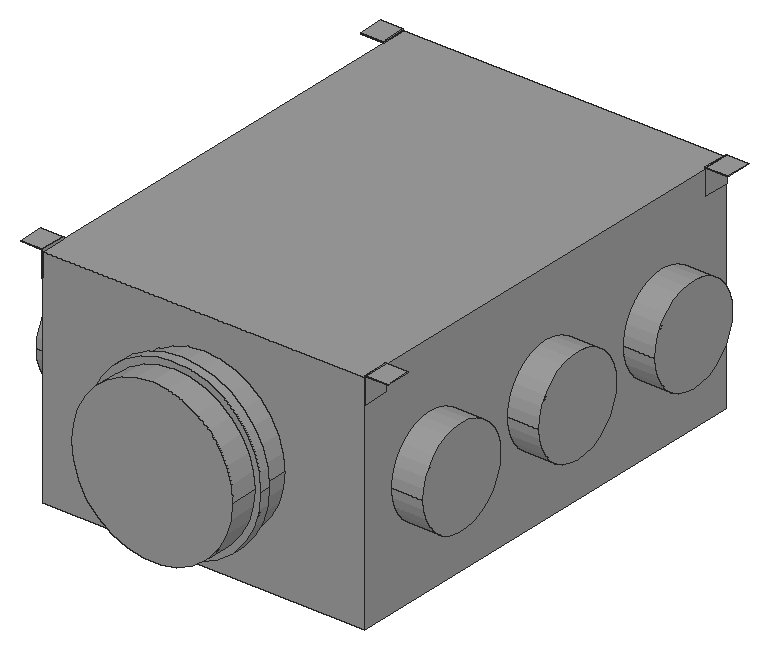
Revit family "SA_FASU(F8-150 250Φ)", category ダクト付属品, Revit 2022
Family settings
  丸型コネクタ寸法 = 直径を使用
  パーツ タイプ = ダンパー
  OmniClass 番号 = 23.75.00.00
  OmniClass タイトル = Climate Control (HVAC)
  作業面ベース = いいえ
  常に垂直 = はい
  ロード時にボイドで切り取り = いいえ
  共有 = いいえ
Parameters
  高さ = 350 mm
  風量 = 0.0 L/s
  符号 = "FASU"
  形式 = "F8-150 250φ"
  幅 [instance] = 500 mm
  奥行き = 700 mm
  大きさ = 250 mm
  呼称 = "FASUチャンバー"
  付属品_下端レベル [instance] = 0 mm
  マテリアル [instance] = 既定値
  ダクト_イン = 250 mm
  ダクト_アウト = 150 mm
  既定の高さ = 0 mm
Reference planes
  plane 1 "中心(正面/背面)": y = 0
  plane 2: z = 0
  plane 3 "中心(左/右)": x = 0
  plane 4: x = -250
  plane 5: x = 250
  plane 6: y = -700
  plane 7: z = 350
  plane 8: z = 175
  plane 9: z = 266.963
  plane 10: z = 86.159
  plane 11: x = -251
  plane 12: z = 313.122
  plane 13: z = 352.122
  plane 14: y = -350
Forms (mm)
  Extrusion 1, solid, material "既定値" <- "マテリアル"
    sketch origin (0, 0, 0) x (1, 0, 0) y (0, 1, 0)
      loop
        line (-250, 0) -> (-250, -700) -> (250, -700) -> (250, 0) -> (-250, 0)
    from 0 to 350
  Extrusion 2, solid, material "既定値" <- "マテリアル"
    sketch origin (0, -30, 0) x (1, 0, 0) y (0, 1, 0)
      loop
        line (-250, 30) -> (-251, 30) -> (-251, -10) -> (-250, -10) -> (-250, 30)
    from 313.122 to 350
  Extrusion 3, solid, material "既定値" <- "マテリアル"
    sketch origin (0, -30, 0) x (1, 0, 0) y (0, 1, 0)
      loop
        line (-285, 30) -> (-285, -10) -> (-251, -10) -> (-251, 30) -> (-285, 30)
    from 352.122 to 350
  Extrusion 4, solid, material "既定値" <- "マテリアル"
    sketch origin (0, -30, 0) x (-1, 0, 0) y (0, -1, 0)
      loop
        line (-250, -30) -> (-250, 10) -> (-251, 10) -> (-251, -30) -> (-250, -30)
    from 313.122 to 353.122
  Extrusion 5, solid, material "既定値" <- "マテリアル"
    sketch origin (0, -30, 0) x (-1, 0, 0) y (0, -1, 0)
      loop
        line (-285, -30) -> (-251, -30) -> (-251, 10) -> (-285, 10) -> (-285, -30)
    from 352.122 to 353.122
  Extrusion 6, solid, material "既定値" <- "マテリアル"
    sketch origin (0, -490, 0) x (1, 0, 0) y (0, 1, 0)
      loop
        line (-285, -170) -> (-285, -210) -> (-251, -210) -> (-251, -170) -> (-285, -170)
    from 352.122 to 353.122
  Extrusion 7, solid, material "既定値" <- "マテリアル"
    sketch origin (0, -490, 0) x (1, 0, 0) y (0, 1, 0)
      loop
        line (-250, -170) -> (-251, -170) -> (-251, -210) -> (-250, -210) -> (-250, -170)
    from 313.122 to 353.122
  Extrusion 8, solid, material "既定値" <- "マテリアル"
    sketch origin (0, -490, 0) x (-1, 0, 0) y (0, -1, 0)
      loop
        line (-285, 170) -> (-251, 170) -> (-251, 210) -> (-285, 210) -> (-285, 170)
    from 352.122 to 353.122
  Extrusion 9, solid, material "既定値" <- "マテリアル"
    sketch origin (0, -490, 0) x (-1, 0, 0) y (0, -1, 0)
      loop
        line (-250, 170) -> (-250, 210) -> (-251, 210) -> (-251, 170) -> (-250, 170)
    from 313.122 to 353.122
  Extrusion 10, solid, material "既定値" <- "マテリアル"
    sketch origin (550, -582.5, 0) x (0, -1, 0) y (0, 0, -1)
      loop
        circle (-232.5, -175) r 74.985
    from -300 to -250
  Extrusion 11, solid, material "既定値" <- "マテリアル"
    sketch origin (-550, -582.5, 0) x (0, -1, 0) y (0, 0, 1)
      loop
        circle (-232.5, 175) r 74.985
    from -300 to -250
  Extrusion 12, solid, material "既定値" <- "マテリアル"
    sketch origin (550, -357.5, 0) x (0, -1, 0) y (0, 0, -1)
      loop
        circle (-232.5, -175) r 74.985
    from -300 to -250
  Extrusion 13, solid, material "既定値" <- "マテリアル"
    sketch origin (-550, -357.5, 0) x (0, -1, 0) y (0, 0, 1)
      loop
        circle (-232.5, 175) r 74.985
    from -300 to -250
  Extrusion 14, solid, material "既定値" <- "マテリアル"
    sketch origin (550, -142.5, 0) x (0, 1, 0) y (0, 0, 1)
      loop
        circle (-432.5, 175) r 74.985
    from -300 to -250
  Extrusion 15, solid, material "既定値" <- "マテリアル"
    sketch origin (0, -142.5, 0) x (0, 1, 0) y (0, 0, 1)
      loop
        circle (-432.5, 175) r 74.985
    from -300 to -250
  Extrusion 16, solid, material "既定値" <- "マテリアル"
    sketch origin (345.5, 300, 0) x (1, 0, 0) y (0, 0, -1)
      loop
        circle (-232.5, -175) r 74.985
    from -300 to -250
  Extrusion 17, solid, material "既定値" <- "マテリアル"
    sketch origin (-345.5, 300, 0) x (-1, 0, 0) y (0, 0, 1)
      loop
        circle (-232.5, 175) r 74.985
    from -300 to -250
  Extrusion 18, solid, material "既定値" <- "マテリアル"
    sketch origin (0, -230, 0) x (1, 0, 0) y (0, 0, 1)
      loop
        circle (0, 175) r 125
    from 470 to 512.5
  Extrusion 19, solid, material "既定値" <- "マテリアル"
    sketch origin (0, -230, 0) x (1, 0, 0) y (0, 0, 1)
      loop
        circle (0, 175) r 135
    from 512.5 to 527.5
  Extrusion 20, solid, material "既定値" <- "マテリアル"
    sketch origin (0, -317.5, 0) x (1, 0, 0) y (0, 0, 1)
      loop
        circle (0, 175) r 125
    from 440 to 482.5
Lines and regions (mm)
  model lines
    curve 1: line (-250, -30, 0) -> (250, -30, 0)
    curve 2: line (-250, -670, 0) -> (250, -670, 0)
Text (mm)
  text "FASU(F8-150 250Φ)" at (3.713, -630.412, 0), in view "参照レベル"
Dimensions and locks
  equal spacing: plane 4, plane 3 "中心(左/右)", plane 5
  "幅": plane 4 to plane 5
  "奥行き": plane 6 to plane 1 "中心(正面/背面)"
  "高さ": plane 7 to level
  equal spacing: plane 7, plane 8, level
  equal spacing: plane 6, plane 14, plane 1 "中心(正面/背面)"
  aligned and locked: level to plane 2
  aligned and locked: Extrusion 1 sketch curve to plane 5
  aligned and locked: plane 7 to Extrusion 1
  aligned and locked: Extrusion 2 sketch curve to Extrusion 1
  aligned and locked: plane 7 to Extrusion 2
  aligned and locked: Extrusion 3 sketch curve to Extrusion 2
  aligned and locked: Extrusion 2 to Extrusion 3 sketch curve
  aligned and locked: plane 7 to Extrusion 3
  aligned and locked: Extrusion 3 to plane 13
  aligned and locked: Extrusion 4 to Extrusion 5 sketch curve
  aligned and locked: Extrusion 5 sketch curve to Extrusion 4
  aligned and locked: Extrusion 1 to Extrusion 8
  aligned and locked: Extrusion 6 to Extrusion 1
  aligned and locked: Extrusion 7 to Extrusion 1
  aligned and locked: Extrusion 1 to Extrusion 9
  aligned and locked: Extrusion 9 to Extrusion 8
  aligned and locked: Extrusion 7 to Extrusion 6
  aligned and locked: plane 4 to Extrusion 7
  aligned and locked: Extrusion 9 to plane 5
  aligned and locked: plane 4 to curve 1
  aligned and locked: plane 5 to curve 1
  aligned and locked: plane 5 to curve 2
  aligned and locked: Extrusion 1 to Extrusion 3
  aligned and locked: Extrusion 5 to Extrusion 1
  aligned and locked: Extrusion 4 to plane 5
  aligned and locked: Extrusion 1 to plane 6
  aligned and locked: Extrusion 1 to plane 1 "中心(正面/背面)"
  aligned and locked: Extrusion 12 to plane 5
  aligned and locked: plane 4 to Extrusion 13
  aligned and locked: Extrusion 14 to plane 5
  aligned and locked: plane 4 to Extrusion 15
  aligned and locked: plane 1 "中心(正面/背面)" to Extrusion 16
  aligned and locked: plane 1 "中心(正面/背面)" to Extrusion 17
  aligned and locked: Extrusion 19 to Extrusion 20
  aligned and locked: Extrusion 19 to Extrusion 18
  aligned and locked: plane 6 to Extrusion 18
Automatic sketch dimensions
  Extrusion 10 sketch curve to plane 8 = 0 mm
  Extrusion 10 sketch curve to plane 14 = 0 mm
  Extrusion 11 sketch curve to plane 8 = 0 mm
  Extrusion 11 sketch curve to plane 14 = 0 mm
  Extrusion 16 sketch curve to plane 8 = 0 mm
  plane 3 "中心(左/右)" to Extrusion 16 sketch curve = 113 mm
  Extrusion 17 sketch curve to plane 8 = 0 mm
  Extrusion 17 sketch curve to plane 3 "中心(左/右)" = 113 mm
  curve 2 to plane 4 = 0 mm
  plane 6 to curve 2 = 30 mm
  plane 1 "中心(正面/背面)" to curve 1 = 30 mm
  Extrusion 1 sketch curve to plane 4 = 0 mm
  Extrusion 1 sketch curve to plane 6 = 0 mm
  plane 1 "中心(正面/背面)" to Extrusion 1 sketch curve = 0 mm
  plane 1 "中心(正面/背面)" to Extrusion 2 sketch curve = 0 mm
  Extrusion 2 sketch curve to plane 11 = 0 mm
  Extrusion 2 sketch curve to Extrusion 2 sketch curve = 40 mm
  plane 1 "中心(正面/背面)" to Extrusion 3 sketch curve = 0 mm
  Extrusion 3 sketch curve to Extrusion 3 sketch curve = 34 mm
  plane 1 "中心(正面/背面)" to Extrusion 4 sketch curve = 0 mm
  Extrusion 4 sketch curve to plane 5 = 0 mm
  Extrusion 4 sketch curve to Extrusion 4 sketch curve = 1 mm
  Extrusion 4 sketch curve to Extrusion 4 sketch curve = 40 mm
  plane 1 "中心(正面/背面)" to Extrusion 5 sketch curve = 0 mm
  Extrusion 5 sketch curve to Extrusion 5 sketch curve = 34 mm
  Extrusion 6 sketch curve to plane 6 = 0 mm
  Extrusion 6 sketch curve to plane 11 = 0 mm
  Extrusion 6 sketch curve to plane 11 = 34 mm
  plane 6 to Extrusion 6 sketch curve = 40 mm
  Extrusion 7 sketch curve to plane 11 = 0 mm
  Extrusion 7 sketch curve to plane 4 = 0 mm
  Extrusion 7 sketch curve to plane 6 = 0 mm
  plane 6 to Extrusion 7 sketch curve = 40 mm
  Extrusion 8 sketch curve to plane 6 = 0 mm
  Extrusion 8 sketch curve to plane 5 = 35 mm
  Extrusion 8 sketch curve to plane 5 = 1 mm
  Extrusion 8 sketch curve to Extrusion 8 sketch curve = 40 mm
  Extrusion 9 sketch curve to plane 6 = 0 mm
  Extrusion 9 sketch curve to plane 5 = 0 mm
  Extrusion 9 sketch curve to Extrusion 9 sketch curve = 1 mm
  Extrusion 9 sketch curve to Extrusion 9 sketch curve = 40 mm
  Extrusion 12 sketch curve to plane 8 = 0 mm
  plane 1 "中心(正面/背面)" to Extrusion 12 sketch curve = 125 mm
  Extrusion 13 sketch curve to plane 8 = 0 mm
  plane 1 "中心(正面/背面)" to Extrusion 13 sketch curve = 125 mm
  Extrusion 14 sketch curve to plane 8 = 0 mm
  plane 6 to Extrusion 14 sketch curve = 125 mm
  Extrusion 15 sketch curve to plane 8 = 0 mm
  plane 6 to Extrusion 15 sketch curve = 125 mm
  Extrusion 18 sketch curve to plane 3 "中心(左/右)" = 0 mm
  Extrusion 18 sketch curve to plane 8 = 0 mm
  Extrusion 19 sketch curve to plane 3 "中心(左/右)" = 0 mm
  Extrusion 19 sketch curve to plane 8 = 0 mm
  Extrusion 20 sketch curve to plane 3 "中心(左/右)" = 0 mm
  Extrusion 20 sketch curve to plane 8 = 0 mm
  radius of Extrusion 10 sketch curve = 74.985 mm
  radius of Extrusion 11 sketch curve = 74.985 mm
  radius of Extrusion 16 sketch curve = 74.985 mm
  radius of Extrusion 17 sketch curve = 74.985 mm
  radius of Extrusion 12 sketch curve = 74.985 mm
  radius of Extrusion 13 sketch curve = 74.985 mm
  radius of Extrusion 14 sketch curve = 74.985 mm
  radius of Extrusion 15 sketch curve = 74.985 mm
  radius of Extrusion 18 sketch curve = 125 mm
  radius of Extrusion 19 sketch curve = 135 mm
  radius of Extrusion 20 sketch curve = 125 mm
Connectors
  hvac at (-300, -575, 175), driven by "ダクト_アウト"
    settings: on Extrusion 15, index 1, duct flow 0.0 L/s, flow factor 0, pres drop 0.0 Pa, loss coef 0, conn angle 0.00°, conn width 304.8 mm, conn height 304.8 mm, conn diameter 150 mm, duct sys type 29, conn prof type 0, flow config 0, flow direction 2, loss method 0, conn ref index -1, conn util no, is conn primary yes, conn desc ""
  hvac at (-300, -350, 175), driven by "ダクト_アウト"
    settings: on Extrusion 11, index 2, duct flow 0.0 L/s, flow factor 0, pres drop 0.0 Pa, loss coef 0, conn angle 0.00°, conn width 304.8 mm, conn height 304.8 mm, conn diameter 150 mm, duct sys type 29, conn prof type 0, flow config 0, flow direction 2, loss method 0, conn ref index -1, conn util no, is conn primary no, conn desc ""
  hvac at (-300, -125, 175), driven by "ダクト_アウト"
    settings: on Extrusion 13, index 3, duct flow 0.0 L/s, flow factor 0, pres drop 0.0 Pa, loss coef 0, conn angle 0.00°, conn width 304.8 mm, conn height 304.8 mm, conn diameter 150 mm, duct sys type 29, conn prof type 0, flow config 0, flow direction 2, loss method 0, conn ref index -1, conn util no, is conn primary no, conn desc ""
  hvac at (-113, 50, 175), driven by "ダクト_アウト"
    settings: on Extrusion 17, index 4, duct flow 0.0 L/s, flow factor 0, pres drop 0.0 Pa, loss coef 0, conn angle 0.00°, conn width 304.8 mm, conn height 304.8 mm, conn diameter 150 mm, duct sys type 29, conn prof type 0, flow config 0, flow direction 2, loss method 0, conn ref index -1, conn util no, is conn primary no, conn desc ""
  hvac at (113, 50, 175), driven by "ダクト_アウト"
    settings: on Extrusion 16, index 5, duct flow 0.0 L/s, flow factor 0, pres drop 0.0 Pa, loss coef 0, conn angle 0.00°, conn width 304.8 mm, conn height 304.8 mm, conn diameter 150 mm, duct sys type 29, conn prof type 0, flow config 0, flow direction 2, loss method 0, conn ref index -1, conn util no, is conn primary no, conn desc ""
  hvac at (300, -125, 175), driven by "ダクト_アウト"
    settings: on Extrusion 12, index 6, duct flow 0.0 L/s, flow factor 0, pres drop 0.0 Pa, loss coef 0, conn angle 0.00°, conn width 304.8 mm, conn height 304.8 mm, conn diameter 150 mm, duct sys type 29, conn prof type 0, flow config 0, flow direction 2, loss method 0, conn ref index -1, conn util no, is conn primary no, conn desc ""
  hvac at (300, -350, 175), driven by "ダクト_アウト"
    settings: on Extrusion 10, index 7, duct flow 0.0 L/s, flow factor 0, pres drop 0.0 Pa, loss coef 0, conn angle 0.00°, conn width 304.8 mm, conn height 304.8 mm, conn diameter 150 mm, duct sys type 29, conn prof type 0, flow config 0, flow direction 2, loss method 0, conn ref index -1, conn util no, is conn primary no, conn desc ""
  hvac at (300, -575, 175), driven by "ダクト_アウト"
    settings: on Extrusion 14, index 8, duct flow 0.0 L/s, flow factor 0, pres drop 0.0 Pa, loss coef 0, conn angle 0.00°, conn width 304.8 mm, conn height 304.8 mm, conn diameter 150 mm, duct sys type 29, conn prof type 0, flow config 0, flow direction 2, loss method 0, conn ref index -1, conn util no, is conn primary no, conn desc ""
  hvac at (0, -800, 175), driven by "ダクト_イン"
    settings: on Extrusion 20, index 18, duct flow 0.0 L/s, flow factor 0, pres drop 0.0 Pa, loss coef 0, conn angle 0.00°, conn width 304.8 mm, conn height 304.8 mm, conn diameter 250 mm, duct sys type 29, conn prof type 0, flow config 0, flow direction 1, loss method 0, conn ref index -1, conn util no, is conn primary no, conn desc ""
